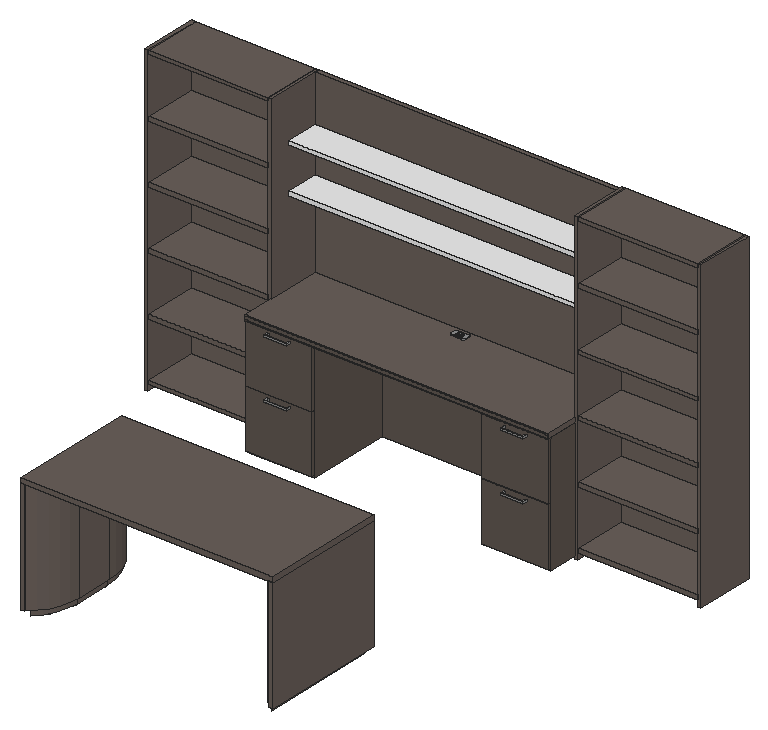
Revit family "OFS TYPICAL T100178", category Furniture, Revit 2022 (continued)
Definition of nested family "OFS IMPULSE G2 DOUBLE PEDESTAL KNEESPACE CREDENZAS"
  Automatic sketch dimensions
    Masking region 5 sketch curve to Masking region 5 sketch curve = 0' - 0 13/16"
    Masking region 5 sketch curve to Masking region 5 sketch curve = 0' - 0.55754"
    Masking region 5 sketch curve to Masking region 5 sketch curve = 0' - 0 7/16"  (x2)
    Masking region 5 sketch curve to plane 1 "Center Front/Back" = 0' - 7"
    Masking region 5 sketch curve to Masking region 5 sketch curve = 0' - 0.62004"
    Masking region 5 sketch curve to Masking region 5 sketch curve = 0' - 0 1/4"
    Extrusion 24 sketch curve to plane 28 = 0' - 2.45"
    Extrusion 24 sketch curve to Extrusion 24 sketch curve = 0' - 1"
    Extrusion 24 sketch curve to plane 3 "Center Left/Right" = 0' - 0 3/4"
    plane 3 "Center Left/Right" to Extrusion 24 sketch curve = 0' - 0 3/4"
Definition of nested family "OFS IMPULSE G2 WALLMOUNT MEDIA PANELS for Desk Height Worksurfaces"
  Parameters (values of type "Wallmount Media Panel for Desk Height Worksurface 60x55")
    URL = "https://ofs.com/"
    Top Shelf Option [instance] = yes
    Shelves Material = none
    Panel Thickness = 0' - 1 1/8"
    Shelves Thickness = 0' - 1"  # constant formula
    Shelves Depth = 0' - 8"  # constant formula
    Shelf Height 3 = 2' - 7 1/2"  # constant formula
    Shelf Height 2 = 1' - 8 3/4"  # constant formula
    Shelf Height 1 = 0' - 10"  # constant formula
    Model = "5-W5560MP"
    Middle Shelf Option [instance] = yes
    Manufacturer = "OFS"
    Panel Material = none
    Height From Floor = 2' - 6"
    Height = 4' - 6 1/2"
    Description = "OPS IMPULSE G2 WALLMOUNT MEDIA PANEL USED WITH DESK HEIGHT WORKSURFACE, 60\" Width"
    Width = 5' - 0"
    Default Elevation = 0' - 0"
    Copyright © = "©OFS 2020"
    Catalog = "https://ofs.com/products/casegoods/private-office/impulse-g2"
    Bottom Shelf Option [instance] = yes
    Authoring Version = "Autodesk Revit Architecture 2015"
    Assembly Code = "E2020200"
  Types (20): name | Model | Height | Description | Width
    Wallmount Media Panel for Desk Height Worksurface 18x43 | "5-W4318MP" | 3' - 6 1/2" | "OPS IMPULSE G2 WALLMOUNT MEDIA PANEL USED WITH DESK HEIGHT WORKSURFACE, 18\" Width" | 1' - 6"
    Wallmount Media Panel for Desk Height Worksurface 24x43 | "5-W4324MP" | 3' - 6 1/2" | "OPS IMPULSE G2 WALLMOUNT MEDIA PANEL USED WITH DESK HEIGHT WORKSURFACE, 24\" Width" | 2' - 0"
    Wallmount Media Panel for Desk Height Worksurface 30x43 | "5-W4330MP" | 3' - 6 1/2" | "OPS IMPULSE G2 WALLMOUNT MEDIA PANEL USED WITH DESK HEIGHT WORKSURFACE, 30\" Width" | 2' - 6"
    Wallmount Media Panel for Desk Height Worksurface 36x43 | "5-W4336MP" | 3' - 6 1/2" | "OPS IMPULSE G2 WALLMOUNT MEDIA PANEL USED WITH DESK HEIGHT WORKSURFACE, 36\" Width" | 3' - 0"
    Wallmount Media Panel for Desk Height Worksurface 42x43 | "5-W4342MP" | 3' - 6 1/2" | "OPS IMPULSE G2 WALLMOUNT MEDIA PANEL USED WITH DESK HEIGHT WORKSURFACE, 42\" Width" | 3' - 6"
    Wallmount Media Panel for Desk Height Worksurface 48x43 | "5-W4348MP" | 3' - 6 1/2" | "OPS IMPULSE G2 WALLMOUNT MEDIA PANEL USED WITH DESK HEIGHT WORKSURFACE, 48\" Width" | 4' - 0"
    Wallmount Media Panel for Desk Height Worksurface 54x43 | "5-W4354MP" | 3' - 6 1/2" | "OPS IMPULSE G2 WALLMOUNT MEDIA PANEL USED WITH DESK HEIGHT WORKSURFACE, 54\" Width" | 4' - 6"
    Wallmount Media Panel for Desk Height Worksurface 60x43 | "5-W4360MP" | 3' - 6 1/2" | "OPS IMPULSE G2 WALLMOUNT MEDIA PANEL USED WITH DESK HEIGHT WORKSURFACE, 60\" Width" | 5' - 0"
    Wallmount Media Panel for Desk Height Worksurface 66x43 | "5-W4366MP" | 3' - 6 1/2" | "OPS IMPULSE G2 WALLMOUNT MEDIA PANEL USED WITH DESK HEIGHT WORKSURFACE, 66\" Width" | 5' - 6"
    Wallmount Media Panel for Desk Height Worksurface 72x43 | "5-W4372MP" | 3' - 6 1/2" | "OPS IMPULSE G2 WALLMOUNT MEDIA PANEL USED WITH DESK HEIGHT WORKSURFACE, 72\" Width" | 6' - 0"
    Wallmount Media Panel for Desk Height Worksurface 18x55 | "5-W5518MP" | 4' - 6 1/2" | "OPS IMPULSE G2 WALLMOUNT MEDIA PANEL USED WITH DESK HEIGHT WORKSURFACE, 18\" Width" | 1' - 6"
    Wallmount Media Panel for Desk Height Worksurface 24x55 | "5-W5524MP" | 4' - 6 1/2" | "OPS IMPULSE G2 WALLMOUNT MEDIA PANEL USED WITH DESK HEIGHT WORKSURFACE, 24\" Width" | 2' - 0"
    Wallmount Media Panel for Desk Height Worksurface 30x55 | "5-W5530MP" | 4' - 6 1/2" | "OPS IMPULSE G2 WALLMOUNT MEDIA PANEL USED WITH DESK HEIGHT WORKSURFACE, 30\" Width" | 2' - 6"
    Wallmount Media Panel for Desk Height Worksurface 36x55 | "5-W5536MP" | 4' - 6 1/2" | "OPS IMPULSE G2 WALLMOUNT MEDIA PANEL USED WITH DESK HEIGHT WORKSURFACE, 36\" Width" | 3' - 0"
    Wallmount Media Panel for Desk Height Worksurface 42x55 | "5-W5542MP" | 4' - 6 1/2" | "OPS IMPULSE G2 WALLMOUNT MEDIA PANEL USED WITH DESK HEIGHT WORKSURFACE, 42\" Width" | 3' - 6"
    Wallmount Media Panel for Desk Height Worksurface 48x55 | "5-W5548MP" | 4' - 6 1/2" | "OPS IMPULSE G2 WALLMOUNT MEDIA PANEL USED WITH DESK HEIGHT WORKSURFACE, 48\" Width" | 4' - 0"
    Wallmount Media Panel for Desk Height Worksurface 54x55 | "5-W5554MP" | 4' - 6 1/2" | "OPS IMPULSE G2 WALLMOUNT MEDIA PANEL USED WITH DESK HEIGHT WORKSURFACE, 54\" Width" | 4' - 6"
    Wallmount Media Panel for Desk Height Worksurface 60x55 | "5-W5560MP" | 4' - 6 1/2" | "OPS IMPULSE G2 WALLMOUNT MEDIA PANEL USED WITH DESK HEIGHT WORKSURFACE, 60\" Width" | 5' - 0"
    Wallmount Media Panel for Desk Height Worksurface 66x55 | "5-W5566MP" | 4' - 6 1/2" | "OPS IMPULSE G2 WALLMOUNT MEDIA PANEL USED WITH DESK HEIGHT WORKSURFACE, 66\" Width" | 5' - 6"
    Wallmount Media Panel for Desk Height Worksurface 72x55 | "5-W5572MP" | 4' - 6 1/2" | "OPS IMPULSE G2 WALLMOUNT MEDIA PANEL USED WITH DESK HEIGHT WORKSURFACE, 72\" Width" | 6' - 0"
  Reference planes (in)
    plane 1 "BACK": y = 0
    plane 2: z = 0
    plane 3 "Center Left/Right": x = 0
    plane 4 "LEFT": x = -30
    plane 5 "RIGHT": x = 30
    plane 6 "FRONT": y = -1.125
    plane 7: z = 84.5
    plane 8: y = -0.5625
    plane 9: z = 30
    plane 10: y = -9.125
    plane 11: z = 40
    plane 12: z = 61.5
    plane 13: z = 50.75
    plane 14: z = 39
    plane 15: z = 60.5
    plane 16: z = 49.75
    plane 17: x = -29.875
    plane 18: x = 29.875
  Forms (in)
    Extrusion 1, solid, material <- "Panel Material"
      sketch origin (0, 0, -0.126) x (1, 0, 0) y (0, 0, 1)
        loop
          line (-30, 84.626) -> (-30, 30.126) -> (30, 30.126) -> (30, 84.626) -> (-30, 84.626)
      from 0 to 1.125
    Extrusion 2, solid, material <- "Shelves Material", visible <- "Middle Shelf Option"
      sketch origin (0, 0, 13) x (1, 0, 0) y (0, 1, 0)
        loop
          line (-29.875, -9.125) -> (29.875, -9.125) -> (29.875, -1.125) -> (-29.875, -1.125) -> (-29.875, -9.125)
      from 36.75 to 37.75
    Extrusion 3, solid, material <- "Shelves Material", visible <- "Top Shelf Option"
      sketch origin (0, 0, 22.42227) x (1, 0, 0) y (0, 1, 0)
        loop
          line (-29.875, -9.125) -> (29.875, -9.125) -> (29.875, -1.125) -> (-29.875, -1.125) -> (-29.875, -9.125)
      from 38.07773 to 39.07773
  Lines and regions (in)
    Masking region 1
      outline origin (0, 0, 0) x (1, 0, 0) y (0, 1, 0)
        loop
          line (-30, 0) -> (-30, -1.125) -> (30, -1.125) -> (30, 0) -> (-30, 0)
    Masking region 2
      outline origin (0, 0, 0) x (1, 0, 0) y (0, 1, 0)
        loop
          line (-30, 0) -> (-30, -1.125) -> (30, -1.125) -> (30, 0) -> (-30, 0)
  Dimensions and locks (in)
    "Width": plane 4 "LEFT" to plane 5 "RIGHT"
    equal spacing: plane 4 "LEFT", plane 3 "Center Left/Right", plane 5 "RIGHT"
    equal spacing: plane 6 "FRONT", plane 8, plane 1 "BACK"
    "Panel Thickness": plane 6 "FRONT" to plane 1 "BACK"
    "Height From Floor": plane 9 to level
    "Height": plane 7 to plane 9
    "Shelves Depth": plane 10 to plane 6 "FRONT"
    "Shelves Thickness": plane 12 to plane 15
    "Shelves Thickness": plane 13 to plane 16
    "Shelves Thickness": plane 11 to plane 14
    "Shelf Height 1": plane 11 to plane 9
    "Shelf Height 2": plane 13 to plane 9
    "Shelf Height 3": plane 12 to plane 9
    locked: plane 4 "LEFT" to plane 17 at 0.125
    locked: plane 5 "RIGHT" to plane 18 at 0.125
    aligned and locked: Masking region 1 sketch curve to plane 4 "LEFT"
    aligned and locked: plane 5 "RIGHT" to Masking region 1 sketch curve
    aligned and locked: Extrusion 1 sketch curve to plane 4 "LEFT"
    aligned and locked: plane 5 "RIGHT" to Extrusion 1 sketch curve
    aligned and locked: plane 7 to Extrusion 1 sketch curve
    aligned and locked: Extrusion 1 to plane 9
    aligned and locked: plane 6 "FRONT" to Extrusion 1
    aligned and locked: Masking region 2 to plane 1 "BACK"
    aligned and locked: Masking region 2 to plane 4 "LEFT"
    aligned and locked: plane 5 "RIGHT" to Masking region 2
    aligned and locked: Extrusion 2 to plane 16
    aligned and locked: plane 13 to Extrusion 2
    aligned and locked: Extrusion 3 to plane 15
    aligned and locked: plane 12 to Extrusion 3
    aligned and locked: Extrusion 3 to plane 6 "FRONT"
    aligned and locked: plane 10 to Extrusion 3
    aligned and locked: plane 10 to Extrusion 2
    aligned and locked: Extrusion 2 to plane 6 "FRONT"
    aligned and locked: Extrusion 3 to plane 17
    aligned and locked: Extrusion 2 to plane 17
    aligned and locked: Extrusion 2 to plane 18
    aligned and locked: Extrusion 3 to plane 18
  Automatic sketch dimensions
    plane 6 "FRONT" to Masking region 1 sketch curve = 0' - 0"
    plane 1 "BACK" to Masking region 1 sketch curve = 0' - 0"
    Masking region 2 sketch curve to plane 4 "LEFT" = 0' - 0"
    plane 1 "BACK" to Masking region 2 sketch curve = 0' - 0"
    Masking region 2 sketch curve to plane 5 "RIGHT" = 0' - 0"
    plane 6 "FRONT" to Masking region 2 sketch curve = 0' - 0"
    Extrusion 1 sketch curve to plane 9 = 0' - 0"
    plane 4 "LEFT" to Extrusion 2 sketch curve = 0' - 0 1/8"
    Extrusion 2 sketch curve to plane 5 "RIGHT" = 0' - 0 1/8"
    plane 10 to Extrusion 2 sketch curve = 0' - 0"
    plane 6 "FRONT" to Extrusion 2 sketch curve = 0' - 0"
    plane 4 "LEFT" to Extrusion 3 sketch curve = 0' - 0 1/8"
    Extrusion 3 sketch curve to plane 5 "RIGHT" = 0' - 0 1/8"
    plane 10 to Extrusion 3 sketch curve = 0' - 0"
    plane 6 "FRONT" to Extrusion 3 sketch curve = 0' - 0"
